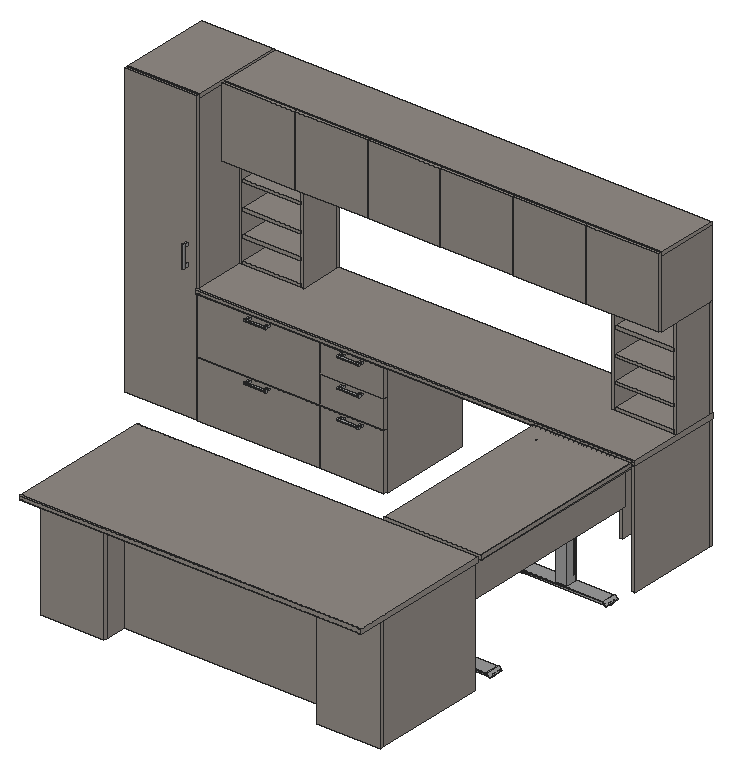
Revit family "JSI-Vision-Typical_Veneer-VST106-", category Furniture, Revit 2020 (continued)
Definition of nested family "JSI-Vision-Wardrobe"
  Definition of nested family "Label 1-16 OH"
    Text (in)
      label "XX" at (0.00051, -0.12324, 0), shows "Model Name"
Definition of nested family "JSI-Vision-Modular_Lateral_File_Pedestal"
  Parameters (values of type "Modular Lat F Ped - Type Catalog Family")
    URL = "www.jsifurniture.com"
    Tag = "Lat File"
    Series = "Vision Casegoods"  # constant formula
    Pull Finish = none
    Ped Width = 30"
    Ped Height = 28"
    Model = "Type Catalog"
    Manufacturer = "JSI"  # constant formula
    Keynote = "12500"  # constant formula
    JSI Enviromental website = "http://www.jsifurniture.com/jsi_sustainability_intro.php"
    Description = "Type Catalog"
    Default Elevation = 0"
    Chassis = none
    Ped Depth = 20"
    Grommet Finish = none
    Drawer Front = none
    Assembly Code = "E2020200"
  Reference planes (in)
    plane 1 "Center Front/Back": y = 0
    plane 2: z = 0
    plane 3 "Center Left/Right": x = 0
    plane 4: x = 0.125
    plane 5: x = 30.125
    plane 6: x = 30.25
    plane 7: y = -18.9795
    plane 8: y = -0.1875
    plane 9: y = -19.1095
    plane 10: x = 0.18716
    plane 11: x = 30.06243
    plane 12: y = -19.8595
    plane 13: z = 0.125
    plane 14: z = 13.9375
    plane 15: z = 14.0625
    plane 16: z = 27.8755
    plane 17: z = 28
    plane 18: x = 0.875
    plane 19: x = 29.376
    plane 20: y = -0.9375
    plane 21: y = -18.23863
    plane 22: z = 13.18724
    plane 23: z = 27.12492
    plane 24: z = 26.5625
    plane 25: x = 15.125
    plane 26: y = -20
    plane 27: y = -9.80266
    plane 28: y = -14.80266
    plane 29: z = 27.1875
  Forms (in)
    Extrusion 1, solid, material <- "Chassis"
      sketch origin (0.125, -0.1875, 48) x (0, 1, 0) y (0, 0, 1)
        loop
          line (0, -20) -> (-18.792, -20) -> (-18.792, -48) -> (0, -48) -> (0, -20)
      from 0 to 0.75
    Extrusion 2, solid, material <- "Chassis"
      sketch origin (30.125, -0.1875, 48) x (0, 1, 0) y (0, 0, 1)
        loop
          line (0, -20) -> (-18.792, -20) -> (-18.792, -48) -> (0, -48) -> (0, -20)
      from -0.749 to 0
    Extrusion 3, solid, material <- "Drawer Front"
      sketch origin (0, 0, 0) x (1, 0, 0) y (0, 0, 1)
        loop
          line (0.18716, 27.8755) -> (0.18716, 14.0625) -> (30.06243, 14.0625) -> (30.06243, 27.8755) -> (0.18716, 27.8755)
        loop
          line (0.18716, 13.9375) -> (0.18716, 0.125) -> (30.06243, 0.125) -> (30.06243, 13.9375) -> (0.18716, 13.9375)
      from 19.1095 to 19.8595
    Extrusion 4, solid, material <- "Chassis"
      sketch origin (0, 0, 0) x (1, 0, 0) y (0, 1, 0)
        loop
          line (0.875, -18.9795) -> (29.376, -18.9795) -> (29.376, -15.9795) -> (0.875, -15.9795) -> (0.875, -18.9795)
      from 0 to 1.1875
    Extrusion 5, solid, material <- "Chassis"
      sketch origin (0, 0, 0) x (0, 1, 0) y (0, 0, 1)
        loop
          line (-9.80266, 27.1875) -> (-9.80266, 27.8755) -> (-14.80266, 27.8755) -> (-14.80266, 27.1875) -> (-9.80266, 27.1875)
      from 0.875 to 29.376
    Extrusion 6, solid, material <- "Chassis"
      sketch origin (0, 0, 0) x (0, 1, 0) y (0, 0, 1)
        loop
          line (-0.1875, 28) -> (-0.6875, 28) -> (-0.6875, 23) -> (-0.1875, 23) -> (-0.1875, 28)
        loop
          line (-0.6875, 0) -> (-0.1875, 0) -> (-0.1875, 5) -> (-0.6875, 5) -> (-0.6875, 0)
      from 0.875 to 29.376
  Lines and regions (in)
    symbolic lines
      curve 1: line (0.125, -18.9795, 0) -> (0.125, -0.1875, 0)
      curve 2: line (30.125, -0.1875, 0) -> (30.125, -18.9795, 0)
      curve 3: line (0.18716, -19.1095, 0) -> (30.06243, -19.1095, 0)
      curve 4: line (0.18716, -19.8595, 0) -> (0.18716, -19.1095, 0)
      curve 5: line (30.06243, -19.8595, 0) -> (0.18716, -19.8595, 0)
      curve 6: line (30.06243, -19.1095, 0) -> (30.06243, -19.8595, 0)
      curve 7: line (0.875, -0.9375, 0) -> (0.875, -18.9795, 0)
      curve 8: line (0.125, -18.9795, 0) -> (0.875, -18.9795, 0)
      curve 9: line (29.376, -0.1875, 0) -> (29.376, -18.9795, 0)
      curve 10: line (29.376, -18.9795, 0) -> (30.125, -18.9795, 0)
      curve 11: line (0.125, -0.1875, 0) -> (0.875, -0.1875, 0)
      curve 12: line (29.376, -0.1875, 0) -> (30.125, -0.1875, 0)
      curve 13: line (29.376, -0.1875, 0) -> (0.875, -0.1875, 0)
      curve 14: line (0.875, -0.6875, 0) -> (29.376, -0.6875, 0)
  Dimensions and locks (in)
    plane 3 "Center Left/Right" to plane 4 = 1/8"
    locked: plane 5 to plane 6 at 0.125
    "Ped Width": plane 4 to plane 5
    locked: plane 1 "Center Front/Back" to plane 8 at 0.1875
    "Ped Height": plane 17 to level
    locked: plane 8 to plane 20 at 0.75
    plane 21 to plane 7 to plane 9 to plane 12 = 0.74087" locked, 0.13" locked, 3/4" locked
    plane 4 to plane 10 to plane 18 = 0.06216" locked, 0.68784" locked
    plane 19 to plane 11 to plane 5 = 0.68644" locked, 0.06257" locked
    locked: plane 17 to plane 24 at 1.4375
    plane 3 "Center Left/Right" to plane 25 to plane 6 = 15 1/8", 15 1/8"
    "Ped Depth": plane 26 to plane 1 "Center Front/Back"
    locked: plane 12 to plane 26 at 0.1405
    plane 27 to plane 28 to plane 26 = 5" locked, 5.19734" locked
    locked: plane 2 to Extrusion 6 sketch curve at 5
    locked: plane 8 to Extrusion 6 sketch curve at 0.5  (x2)
    locked: plane 17 to Extrusion 6 sketch curve at 5
    plane 17 to plane 23 to plane 15 to plane 14 to plane 22 to plane 13 to plane 2 = 0.87508" locked, 13.06242" locked, 1/8" locked, 0.75026" locked, 13.06224" locked, 1/8" locked
    locked: Extrusion 4 sketch curve to plane 7 at 3
    aligned and locked: level to plane 2
    aligned and locked: Extrusion 1 sketch curve to plane 7
    aligned and locked: Extrusion 1 sketch curve to level
    aligned and locked: Extrusion 2 sketch curve to plane 17
    aligned and locked: level to Extrusion 2 sketch curve
    aligned and locked: plane 7 to Extrusion 2 sketch curve
    aligned and locked: Extrusion 3 sketch curve to plane 16
    aligned and locked: Extrusion 3 sketch curve to plane 10  (x2)
    aligned and locked: plane 11 to Extrusion 3 sketch curve  (x2)
    aligned and locked: plane 15 to Extrusion 3 sketch curve
    aligned and locked: Extrusion 3 sketch curve to plane 14
    aligned and locked: plane 13 to Extrusion 3 sketch curve
    aligned and locked: Extrusion 3 to plane 12
    aligned and locked: plane 9 to Extrusion 3
    aligned and locked: plane 18 to Extrusion 4 sketch curve
    aligned and locked: plane 12 to nested 2
    aligned and locked: plane 12 to nested 1
    aligned and locked: plane 27 to Extrusion 5 sketch curve
    aligned and locked: Extrusion 5 sketch curve to plane 29
    aligned and locked: Extrusion 5 sketch curve to plane 28
    aligned and locked: plane 16 to Extrusion 5 sketch curve
    aligned and locked: Extrusion 5 to plane 18
    aligned and locked: plane 19 to Extrusion 5
    aligned and locked: nested 3 to plane 25
    aligned and locked: nested 3 to plane 26
    aligned and locked: plane 8 to Extrusion 1
    aligned and locked: plane 8 to Extrusion 2
    aligned and locked: curve 11 to plane 8
    aligned and locked: Extrusion 6 sketch curve to plane 8  (x2)
    aligned and locked: Extrusion 6 sketch curve to plane 17
    aligned and locked: plane 2 to Extrusion 6 sketch curve
    aligned and locked: Extrusion 6 to plane 18
    aligned and locked: plane 19 to Extrusion 6
    aligned and locked: curve 13 to Extrusion 6
    aligned and locked: curve 14 to Extrusion 6
    aligned and locked: nested 2 to plane 25
    aligned and locked: nested 1 to plane 25
  Automatic sketch dimensions
    Extrusion 1 sketch curve to plane 17 = 0"
    plane 20 to Extrusion 1 sketch curve = 3/4"
    plane 20 to Extrusion 2 sketch curve = 3/4"
    curve 1 to plane 4 = 0"
    curve 3 to plane 9 = 0"
    curve 3 to plane 10 = 0"
    curve 8 to plane 7 = 0"
    curve 8 to plane 18 = 0"
    curve 11 to plane 18 = 0"
    curve 9 to plane 7 = 0"
    curve 9 to plane 19 = 0"
    curve 3 to plane 11 = 0"
    curve 12 to plane 5 = 0"
    curve 5 to plane 12 = 0"
    curve 7 to plane 20 = 0"
    curve 14 to plane 18 = 0"
    Extrusion 4 sketch curve to plane 7 = 0"
    Extrusion 4 sketch curve to plane 19 = 0"
  Nested families (in)
    nested 1: "Bar Pull" at (15.125, -19.8595, 13.18724) x (-1, 0, 0) z (0, 0, 1), Pull Finish <- "Pull Finish", type "PL"
      with Pull Finish none
    nested 2: "Bar Pull" at (15.125, -19.8595, 27.12492) x (-1, 0, 0) z (0, 0, 1), Pull Finish <- "Pull Finish", type "PL"
      with Pull Finish none
    nested 3: "Label 1-16" at (15.125, -20, 0), type "DRWCFG"
  Definition of nested family "Bar Pull"
    Parameters
      Pull Finish [instance] = none
      Default Elevation = 0"
    Reference planes (in)
      plane 1 "Center Front/Back": y = 0
      plane 2: z = 0
      plane 3 "Center Left/Right": x = 0
      plane 4: x = -2.68731
      plane 5: x = -1.88731
      plane 6: x = 2.68731
      plane 7: x = 1.88731
      plane 8: y = -1
      plane 9: y = -0.85202
    Forms (in)
      Extrusion 1, solid, material <- "Pull Finish"
        sketch origin (0, 0, 0) x (0, 1, 0) y (0, 0, 1)
          loop
            line (0, -0.2015) -> (0, 0.2015) -> (-0.85202, 0.2015)
            arc (-0.85202, 0.2015) -> (-0.75, 0) -> (-0.85202, -0.2015) r 0.25
            line (-0.85202, -0.2015) -> (0, -0.2015)
        from 1.88731 to 2.68731
      Extrusion 2, solid, material <- "Pull Finish"
        sketch origin (0, 0, 0) x (0, 1, 0) y (0, 0, 1)
          loop
            circle (-1, 0) r 0.25
        from -2.68731 to 2.68731
      Extrusion 3, solid, material <- "Pull Finish"
        sketch origin (0, 0, 0) x (0, 1, 0) y (0, 0, -1)
          loop
            line (0, 0.2015) -> (-0.85202, 0.2015)
            arc (-0.85202, 0.2015) -> (-0.75, 0) -> (-0.85202, -0.2015) r 0.25
            line (-0.85202, -0.2015) -> (0, -0.2015) -> (0, 0.2015)
        from 1.88731 to 2.68731
    Dimensions and locks (in)
      plane 4 to plane 5 to plane 3 "Center Left/Right" to plane 7 to plane 6 = 0.8" locked, 1.88731" locked, 1.88731" locked, 0.8" locked
      plane 8 to plane 9 to plane 1 "Center Front/Back" = 0.14798" locked, 0.85202" locked
      aligned and locked: level to plane 2
      aligned and locked: plane 4 to Extrusion 3
      aligned and locked: Extrusion 3 to plane 5
      aligned and locked: plane 4 to Extrusion 2
      aligned and locked: Extrusion 1 to plane 7
      aligned and locked: plane 6 to Extrusion 1
      aligned and locked: plane 6 to Extrusion 2
      aligned and locked: plane 8 to Extrusion 2 sketch curve
      aligned and locked: Extrusion 3 to plane 1 "Center Front/Back"
      aligned and locked: Extrusion 1 to plane 1 "Center Front/Back"
      aligned and locked: plane 5 to Extrusion 3
      aligned and locked: Extrusion 3 to plane 4
      aligned and locked: Extrusion 2 to plane 4
      aligned and locked: plane 7 to Extrusion 1
      aligned and locked: Extrusion 1 to plane 6
      aligned and locked: Extrusion 2 to plane 6
  Definition of nested family "Label 1-16"
    Parameters
      Width = 1"
      Model Name = "2 Drw - 2 Drs"
    Reference planes (in)
      plane 1: y = 0
      plane 2: x = 0
    Text (in)
      label "XX" at (0.00051, -0.12324, 0), shows "Model Name"
Definition of nested family "JSI-Vision-Single_Pedestal_Desk-Break_Front_Modesty"
  Parameters (values of type "Sngl Ped Desk, Brk Frnt Mod - Type Catalog Family")
    Worksurface = none
    Width = 66"
    URL = "www.jsifurniture.com"
    Type Comments = ""
    Series = "Vision Casegoods"  # constant formula
    Pull Finish = none
    Panel BBF = if(LR, 15", Width - 15 3/4")  # 15"
    Model = "Type Catalog"
    Material = ""
    Manufacturer = "JSI"  # constant formula
    LR = yes
    Keynote = "12500"
    JSI Enviromental Website = "http://www.jsifurniture.com/jsi_sustainability_intro.php"
    Height = 29 3/16"
    Grommet angle = if(LR, 90.00°, 270.00°)  # 90.00°
    Grommet Finish = none
    Panel FF = if(LR, Width - 15 3/4", 15")  # 50 1/4"
    Grommet = if(LR, 14 1/2", Width - 15 49/128")  # 14 1/2"
    Drawer Front = none
    Description = "Type Catalog"
    Depth chassis = 30"  # constant formula
    Depth = 30"
    Default Elevation = 0"
    Chassis = none
    BBF = if(LR, 3/16", Width - 15 3/4")  # 3/16"
    Assembly Code = "E2020200"
  Reference planes (in)
    plane 1: z = 0
    plane 2 "Center (Left/Right)": x = -36.06413
    plane 3: z = 29.1875
    plane 4: z = 28
    plane 5: y = -19.25
    plane 6 "Center (Front/Back)": y = 10.75
    plane 7: y = 10.625
    plane 8: y = 10.75
    plane 9: x = -3.06413
    plane 10: x = 29.93587
    plane 11: y = 10.56003
    plane 12: x = -20.31413
    plane 13: x = 14.18587
    plane 14: y = -18.37
    plane 15: x = 21.93587
    plane 16: x = -28.12663
    plane 17: x = 29.81086
    plane 18: x = -35.93913
    plane 19: y = 3.55952
    plane 20: y = -0.44048
    plane 21: y = 4.56363
    plane 22: y = -18.31113
    plane 23: x = 14.18587
    plane 24: x = -35.87663
    plane 25: x = -20.37636
    plane 26: x = 29.68487
    plane 27: x = -21.56413
  Forms (in)
    Extrusion 1, solid, material <- "Worksurface"
      sketch origin (0, 0, -0.8125) x (1, 0, 0) y (0, 1, 0)
        loop
          line (-36.06413, -19.125) -> (29.93587, -19.125) -> (29.93587, 10.625) -> (-36.06413, 10.625) -> (-36.06413, -19.125)
      from 28.8125 to 30
    Extrusion 2, solid, material <- "Chassis"
      sketch origin (0, 3.75, 0) x (1, 0, 0) y (0, 1, 0)
        loop
          line (-20.31413, 0.81363) -> (-20.31413, 0.06363) -> (14.18587, 0.06363) -> (14.18587, 0.81363) -> (-20.31413, 0.81363)
      from 0 to 28
    Extrusion 3, solid, material <- "Drawer Front"
      sketch origin (-0.00163, 0.13, 0) x (1, 0, 0) y (0, 0, 1)
        loop
          line (-35.875, 27.89092) -> (-35.875, 21.04768) -> (-20.37473, 21.04768) -> (-20.37473, 27.89092) -> (-35.875, 27.89092)
        loop
          line (-35.875, 20.92218) -> (-35.875, 14.07843) -> (-20.37473, 14.07843) -> (-20.37473, 20.92218) -> (-35.875, 20.92218)
        loop
          line (-35.875, 13.95343) -> (-35.875, 0.14093) -> (-20.37473, 0.14093) -> (-20.37473, 13.95343) -> (-35.875, 13.95343)
      from 18.5 to 19.25
    Extrusion 4, solid, material <- "Chassis"
      sketch origin (-0.06413, 0, 0) x (0, 1, 0) y (0, 0, 1)
        loop
          line (-18.31113, 28) -> (-18.31113, 0) -> (9.81003, 0) -> (9.81003, 28) -> (-18.31113, 28)
      from -35.875 to -35.125
    Extrusion 5, solid, material <- "Chassis"
      sketch origin (-0.06413, 0.034, 0) x (1, 0, 0) y (0, 0, 1)
        loop
          line (-35.125, 1.9375) -> (-35.125, 0) -> (-21, 0) -> (-21, 1.9375) -> (-35.125, 1.9375)
      from 17.59513 to 18.34513
    Extrusion 6, solid, material <- "Chassis"
      sketch origin (-0.06029, 0, 0) x (0, 1, 0) y (0, 0, -1)
        loop
          line (-18.31113, -28) -> (9.81003, -28) -> (9.81003, 0) -> (-18.31113, 0) -> (-18.31113, -28)
      from -29.87116 to -29.12116
    Sweep 7, solid, material <- "Worksurface"
      path in 3D
        loop
          line (-36.06413, -19.125, 29.1875) -> (29.93587, -19.125, 29.1875)
      profile origin (-3.06413, -19.125, 29.1875) x (0, 1, 0) y (0, 0, 1)
        loop
          arc (0, 0) -> (-0.08839, -0.03661) -> (-0.125, -0.125) r 0.125
          line (-0.125, -0.125) -> (-0.125, -1.0625)
          arc (-0.125, -1.0625) -> (-0.08839, -1.15089) -> (0, -1.1875) r 0.125
          line (0, -1.1875) -> (0, 0)
    Extrusion 8, solid, material <- "Chassis"
      sketch origin (-0.06413, 28.15516, 0) x (1, 0, 0) y (0, 0, 1)
        loop
          line (-35.875, 28) -> (-35.875, 0) -> (-20.25, 0) -> (-20.25, 28) -> (-35.875, 28)
      from 17.59513 to 18.34513
    Extrusion 9, solid, material <- "Chassis"
      sketch origin (57.45899, 0, 0) x (0, 1, 0) y (0, 0, -1)
        loop
          line (-18.31113, -28) -> (9.81003, -28) -> (9.81003, 0) -> (-18.31113, 0) -> (-18.31113, -28)
      from 77.77312 to 78.52312
    Extrusion 10, solid, material <- "Chassis"
      sketch origin (-0.06413, 28.15516, 0) x (-1, 0, 0) y (0, 0, -1)
        loop
          line (-29.875, -28) -> (-14.25, -28) -> (-14.25, 0) -> (-29.875, 0) -> (-29.875, -28)
      from 17.59513 to 18.34513
    Extrusion 11, solid, material <- "Chassis"
      sketch origin (56.05703, 0, 0) x (0, 1, 0) y (0, 0, 1)
        loop
          line (2.81363, 28) -> (2.81363, 0) -> (9.81003, 0) -> (9.81003, 28) -> (2.81363, 28)
      from -41.87116 to -41.12116
    Sweep 12, solid, material <- "Worksurface"
      path in 3D
        loop
          line (29.93587, 10.625, 29.1875) -> (-36.06413, 10.625, 29.1875)
      profile origin (-3.06413, 10.625, 29.1875) x (0, -1, 0) y (0, 0, 1)
        loop
          arc (0, 0) -> (-0.08839, -0.03661) -> (-0.125, -0.125) r 0.125
          line (-0.125, -0.125) -> (-0.125, -1.0625)
          arc (-0.125, -1.0625) -> (-0.08839, -1.15089) -> (0, -1.1875) r 0.125
          line (0, -1.1875) -> (0, 0)
  Cuts and joins
    joined: Extrusion 1, Sweep 7, Sweep 12
  Lines and regions (in)
    sketch lines
      curve 1: line (-36.06413, -19.125, 29.1875) -> (29.93587, -19.125, 29.1875)
      curve 11: line (29.93587, 10.625, 29.1875) -> (-36.06413, 10.625, 29.1875)
    symbolic lines
      curve 2: line (29.93587, -19.25, 0) -> (-36.06413, -19.25, 0)
      curve 3: line (29.93587, -19.25, 0) -> (29.93587, 10.75, 0)
      curve 4: line (-36.06413, 10.75, 0) -> (-36.06413, -19.25, 0)
      curve 5: line (-20.31413, 10.56003, 0) -> (-35.93913, 10.56003, 0)
      curve 6: line (-20.37636, -18.37, 0) -> (-35.87663, -18.37, 0)
      curve 7: line (-20.37636, -19.12, 0) -> (-20.37636, -18.37, 0)
      curve 8: line (-35.87663, -19.12, 0) -> (-20.37636, -19.12, 0)
      curve 9: line (-35.87663, -18.37, 0) -> (-35.87663, -19.12, 0)
      curve 10: line (-35.93913, 10.56003, 0) -> (-35.93913, -18.31113, 0)
      curve 12: line (29.81086, -18.31113, 0) -> (29.81086, 10.56003, 0)
      curve 13: line (29.81086, 10.56003, 0) -> (14.18587, 10.56003, 0)
      curve 14: line (29.06086, -18.31113, 0) -> (29.81086, -18.31113, 0)
      curve 15: line (29.06086, 9.81003, 0) -> (29.06086, -18.31113, 0)
      curve 16: line (14.18587, 9.81003, 0) -> (29.81086, 9.81003, 0)
      curve 17: line (14.18587, 10.56003, 0) -> (14.18587, 9.81003, 0)
      curve 18: line (14.93587, 2.81363, 0) -> (14.93587, 9.81003, 0)
      curve 19: line (14.18587, 9.81003, 0) -> (14.18587, 2.81363, 0)
      curve 20: line (14.18587, 2.81363, 0) -> (14.93587, 2.81363, 0)
      curve 21: line (-35.18913, -18.31113, 0) -> (-35.18913, 9.81003, 0)
      curve 22: line (-35.93913, -18.31113, 0) -> (-35.18913, -18.31113, 0)
      curve 23: line (-35.93913, 9.81003, 0) -> (-20.31413, 9.81003, 0)
      curve 24: line (-20.31413, 9.81003, 0) -> (-20.31413, 10.56003, 0)
      curve 25: line (-36.06413, 10.75, 0) -> (29.93587, 10.75, 0)
      curve 26: line (-21.06413, 9.81003, 0) -> (-21.06413, -18.31113, 0)
      curve 27: line (-20.31413, -18.31113, 0) -> (-20.31413, 9.81003, 0)
      curve 28: line (-21.06413, -18.31113, 0) -> (-20.31413, -18.31113, 0)
      curve 29: line (14.18587, 4.56363, 0) -> (-20.31413, 4.56363, 0)
      curve 30: line (-20.31413, 3.81363, 0) -> (14.18587, 3.81363, 0)
      curve 31: line (-20.31413, 4.56363, 0) -> (-20.31413, 3.81363, 0)
      curve 32: line (14.18587, 3.81363, 0) -> (14.18587, 4.56363, 0)
  Dimensions and locks (in)
    "Height": plane 3 to level
    locked: plane 3 to plane 4 at 1.1875
    "Depth": plane 6 "Center (Front/Back)" to plane 5
    locked: plane 7 to plane 6 "Center (Front/Back)" at 0.125
    equal spacing: plane 2 "Center (Left/Right)", plane 9, plane 10
    "Width": plane 2 "Center (Left/Right)" to plane 10
    locked: plane 8 to plane 11 at 0.18997
    "Depth chassis": plane 8 to plane 5
    locked: plane 2 "Center (Left/Right)" to plane 12 at 15.75
    locked: plane 13 to plane 10 at 15.75
    locked: Extrusion 5 to plane 14 at 0.80887
    locked: plane 14 to plane 5 at 0.88
    locked: plane 17 to plane 10 at 0.125
    locked: Extrusion 6 to Extrusion 6 at 0.75
    locked: Extrusion 4 to Extrusion 4 at 0.75
    locked: plane 19 to plane 20 at 4
    locked: Extrusion 2 to Extrusion 2 at 0.75
    plane 22 to plane 5 = 0.93887"
    plane 8 to plane 21 = 6.18637"
    "Panel FF": plane 2 "Center (Left/Right)" to plane 23
    locked: plane 23 to plane 15 at 7.75
    "BBF": plane 2 "Center (Left/Right)" to plane 24
    locked: Extrusion 5 to Extrusion 5 at 0.75
    locked: plane 24 to plane 16 at 7.75
    locked: Extrusion 3 to Extrusion 3 at 0.75
    locked: plane 8 to plane 20 at 11.19048
    locked: Extrusion 8 to Extrusion 8 at 0.75
    Extrusion 9 to Extrusion 9 = 3/4"
    locked: Extrusion 10 to Extrusion 10 at 0.75
    locked: plane 24 to plane 25 at 15.50027
    locked: plane 23 to plane 26 at 15.499
    locked: Extrusion 11 to plane 21 at 1.75
    plane 24 to Extrusion 5 to Extrusion 5 = 11/16" locked, 14 1/8" locked
    "Panel FF": plane 2 "Center (Left/Right)" to Extrusion 11
    "Panel BBF": plane 2 "Center (Left/Right)" to Extrusion 9
    locked: Extrusion 9 to Extrusion 9 at 0.75
    "Grommet": plane 2 "Center (Left/Right)" to plane 27
    locked: Extrusion 11 to Extrusion 11 at 0.75
    plane 19 to plane 20 = 4"
    aligned and locked: level to plane 1
    aligned and locked: curve 4 to Extrusion 1
    aligned and locked: Extrusion 4 to Extrusion 5
    aligned and locked: Extrusion 5 to Extrusion 2
    aligned and locked: Extrusion 2 to Extrusion 6
    aligned and locked: plane 17 to Extrusion 6
    aligned and locked: Extrusion 4 to plane 18
    aligned and locked: plane 21 to Extrusion 2
    aligned and locked: plane 14 to Extrusion 3
    aligned and locked: Extrusion 6 to plane 22
    aligned and locked: Extrusion 5 to plane 22
    aligned and locked: Extrusion 4 to plane 22
    aligned and locked: Extrusion 5 to level
    aligned and locked: nested 3 to plane 16
    aligned and locked: nested 2 to plane 16
    aligned and locked: nested 1 to plane 16
    aligned and locked: Extrusion 3 to nested 3
    aligned and locked: Extrusion 3 to nested 2
    aligned and locked: Extrusion 3 to nested 1
    aligned and locked: Extrusion 3 to plane 24  (x3)
    aligned and locked: Extrusion 8 to plane 12
    aligned and locked: plane 4 to Extrusion 8
    aligned and locked: Extrusion 8 to plane 18
    aligned and locked: plane 18 to Extrusion 4
    aligned and locked: plane 11 to Extrusion 8
    aligned and locked: plane 22 to Extrusion 5
    aligned and locked: Extrusion 9 to plane 22
    aligned and locked: plane 12 to Extrusion 2
    aligned and locked: plane 13 to Extrusion 2
    aligned and locked: Extrusion 10 to plane 13
    aligned and locked: plane 17 to Extrusion 10
    aligned and locked: Extrusion 6 to plane 17
    aligned and locked: plane 25 to Extrusion 3  (x3)
    aligned and locked: curve 5 to Extrusion 8
    aligned and locked: curve 6 to Extrusion 3
    aligned and locked: curve 7 to Extrusion 3
    aligned and locked: curve 8 to Extrusion 3
    aligned and locked: curve 9 to Extrusion 3
    aligned and locked: curve 10 to Extrusion 4
    aligned and locked: Extrusion 1 to plane 7
    aligned and locked: plane 11 to Extrusion 10
    aligned and locked: Extrusion 6 to curve 12
    aligned and locked: curve 13 to Extrusion 10
    aligned and locked: curve 14 to Extrusion 6
    aligned and locked: Extrusion 6 to curve 15
    aligned and locked: curve 16 to Extrusion 10
    aligned and locked: curve 17 to Extrusion 10
    aligned and locked: curve 18 to Extrusion 11
    aligned and locked: curve 19 to Extrusion 11
    aligned and locked: curve 20 to Extrusion 11
    aligned and locked: curve 21 to Extrusion 4
    aligned and locked: Extrusion 4 to curve 22
    aligned and locked: curve 23 to Extrusion 8
    aligned and locked: curve 24 to Extrusion 8
    aligned and locked: curve 4 to cut or joined group of Extrusion 1, Sweep 7, Sweep 12
    aligned and locked: curve 3 to cut or joined group of Extrusion 1, Sweep 7, Sweep 12
    aligned and locked: curve 25 to cut or joined group of Extrusion 1, Sweep 7, Sweep 12
    aligned and locked: Extrusion 9 to curve 26
    aligned and locked: curve 27 to Extrusion 9
    aligned and locked: curve 28 to Extrusion 9
    aligned and locked: nested 4 to plane 5
    aligned and locked: nested 4 to plane 16
    aligned and locked: curve 29 to Extrusion 2
    aligned and locked: curve 30 to Extrusion 2
    aligned and locked: curve 31 to Extrusion 2
    aligned and locked: curve 32 to Extrusion 2
    aligned and locked: Extrusion 4 to Extrusion 8
    aligned and locked: Extrusion 6 to Extrusion 8
    aligned and locked: Extrusion 9 to Extrusion 8
  Automatic sketch dimensions
    curve 23 to plane 18 = 0"
    curve 6 to plane 14 = 0"
    curve 6 to plane 24 = 0"
    curve 22 to plane 22 = 0"
    curve 26 to plane 22 = 0"
    curve 7 to plane 25 = 0"
    curve 5 to plane 11 = 0"
    curve 5 to plane 12 = 0"
    curve 31 to plane 12 = 0"
    curve 19 to plane 23 = 0"
    curve 13 to plane 11 = 0"
    curve 13 to plane 13 = 0"
    curve 32 to plane 13 = 0"
    curve 15 to plane 22 = 0"
    curve 14 to plane 17 = 0"
    curve 2 to plane 5 = 0"
    curve 31 to plane 21 = 0"
    plane 24 to curve 22 = 11/16"
    curve 26 to plane 27 = 1/2"
    plane 12 to curve 28 = 0"
    plane 13 to curve 18 = 3/4"
    curve 15 to plane 26 = 0.624"
    plane 5 to curve 8 = 0.13"
    curve 20 to plane 19 = 0.7459"
    plane 19 to curve 30 = 0.2541"
    curve 17 to plane 11 = 3/4"
    curve 27 to curve 23 = 0"
    Extrusion 1 sketch curve to plane 2 "Center (Left/Right)" = 0"
    Extrusion 1 sketch curve to plane 10 = 0"
    plane 7 to Extrusion 1 sketch curve = 0"
    plane 5 to Extrusion 1 sketch curve = 1/8"
    Extrusion 2 sketch curve to plane 12 = 0"
    Extrusion 2 sketch curve to plane 13 = 0"
    Extrusion 2 sketch curve to plane 21 = 0"
    plane 19 to Extrusion 2 sketch curve = 0.2541"
    Extrusion 3 sketch curve to plane 24 = 0"  (x3)
    Extrusion 3 sketch curve to plane 25 = 0"  (x3)
    level to Extrusion 3 sketch curve = 0.14093"
    Extrusion 3 sketch curve to Extrusion 3 sketch curve = 13 13/16"
    Extrusion 3 sketch curve to Extrusion 3 sketch curve = 1/8"
    Extrusion 3 sketch curve to Extrusion 3 sketch curve = 6 27/32"
    Extrusion 3 sketch curve to Extrusion 3 sketch curve = 0.1255"
    Extrusion 3 sketch curve to plane 4 = 0.10907"
    Extrusion 4 sketch curve to plane 4 = 0"
    Extrusion 4 sketch curve to plane 22 = 0"
    Extrusion 4 sketch curve to level = 0"
    Extrusion 4 sketch curve to plane 11 = 3/4"
    Extrusion 5 sketch curve to level = 0"
    plane 24 to Extrusion 5 sketch curve = 11/16"
    Extrusion 5 sketch curve to plane 27 = 1/2"
    level to Extrusion 5 sketch curve = 1 15/16"
    Extrusion 6 sketch curve to plane 4 = 0"
    Extrusion 6 sketch curve to plane 22 = 0"
    Extrusion 6 sketch curve to level = 0"
    Extrusion 6 sketch curve to plane 11 = 3/4"
    Sweep 7 sketch curve to profile plane = 0"  (x2)
    profile plane to Sweep 7 sketch curve = 1/8"
    Sweep 7 sketch curve to Sweep 7 sketch curve = 15/16"
    Extrusion 8 sketch curve to level = 0"
    plane 18 to Extrusion 8 sketch curve = 0"
    plane 12 to Extrusion 8 sketch curve = 0"
    Extrusion 8 sketch curve to plane 4 = 0"
    Extrusion 9 sketch curve to plane 4 = 0"
    Extrusion 9 sketch curve to plane 22 = 0"
    Extrusion 9 sketch curve to level = 0"
    Extrusion 9 sketch curve to plane 11 = 3/4"
    Extrusion 10 sketch curve to level = 0"
    Extrusion 10 sketch curve to plane 17 = 0"
    Extrusion 10 sketch curve to plane 13 = 0"
    Extrusion 10 sketch curve to plane 4 = 0"
    Extrusion 11 sketch curve to plane 4 = 0"
    Extrusion 11 sketch curve to level = 0"
    Extrusion 11 sketch curve to plane 19 = 0.7459"
    Extrusion 11 sketch curve to plane 11 = 3/4"
    Sweep 12 sketch curve to profile plane = 0"  (x2)
    profile plane to Sweep 12 sketch curve = 1/8"
    Sweep 12 sketch curve to Sweep 12 sketch curve = 15/16"
  Nested families (in)
    nested 1: "Bar Pull" at (-28.12663, -19.12, 13.20292), Pull Finish <- "Pull Finish", type "PL"
      with Pull Finish none
    nested 2: "Bar Pull" at (-28.12663, -19.12, 20.171), Pull Finish <- "Pull Finish", type "PL"
      with Pull Finish none
    nested 3: "Bar Pull" at (-28.12663, -19.12, 27.14116), Pull Finish <- "Pull Finish", type "PL"
      with Pull Finish none
    nested 4: "Label 1-16-1" at (-28.12663, -19.25, 0), type "DRWCFG"
  Definition of nested family "Bar Pull"
    Parameters
      Pull Finish [instance] = none
      Default Elevation = 0"
    Reference planes (in)
      plane 1 "Center Front/Back": y = 0
      plane 2: z = 0
      plane 3 "Center Left/Right": x = 0
      plane 4: x = -2.68731
      plane 5: x = -1.88731
      plane 6: x = 2.68731
      plane 7: x = 1.88731
      plane 8: y = -1
      plane 9: y = -0.85202
    Forms (in)
      Extrusion 1, solid, material <- "Pull Finish"
        sketch origin (0, 0, 0) x (0, 1, 0) y (0, 0, 1)
          loop
            line (0, -0.2015) -> (0, 0.2015) -> (-0.85202, 0.2015)
            arc (-0.85202, 0.2015) -> (-0.75, 0) -> (-0.85202, -0.2015) r 0.25
            line (-0.85202, -0.2015) -> (0, -0.2015)
        from 1.88731 to 2.68731
      Extrusion 2, solid, material <- "Pull Finish"
        sketch origin (0, 0, 0) x (0, 1, 0) y (0, 0, 1)
          loop
            circle (-1, 0) r 0.25
        from -2.68731 to 2.68731
      Extrusion 3, solid, material <- "Pull Finish"
        sketch origin (0, 0, 0) x (0, 1, 0) y (0, 0, -1)
          loop
            line (0, 0.2015) -> (-0.85202, 0.2015)
            arc (-0.85202, 0.2015) -> (-0.75, 0) -> (-0.85202, -0.2015) r 0.25
            line (-0.85202, -0.2015) -> (0, -0.2015) -> (0, 0.2015)
        from 1.88731 to 2.68731
    Dimensions and locks (in)
      plane 4 to plane 5 to plane 3 "Center Left/Right" to plane 7 to plane 6 = 0.8" locked, 1.88731" locked, 1.88731" locked, 0.8" locked
      plane 8 to plane 9 to plane 1 "Center Front/Back" = 0.14798" locked, 0.85202" locked
      aligned and locked: level to plane 2
      aligned and locked: plane 4 to Extrusion 3
      aligned and locked: Extrusion 3 to plane 5
      aligned and locked: plane 4 to Extrusion 2
      aligned and locked: Extrusion 1 to plane 7
      aligned and locked: plane 6 to Extrusion 1
      aligned and locked: plane 6 to Extrusion 2
      aligned and locked: plane 8 to Extrusion 2 sketch curve
      aligned and locked: Extrusion 3 to plane 1 "Center Front/Back"
      aligned and locked: Extrusion 1 to plane 1 "Center Front/Back"
      aligned and locked: plane 5 to Extrusion 3
      aligned and locked: Extrusion 3 to plane 4
      aligned and locked: Extrusion 2 to plane 4
      aligned and locked: plane 7 to Extrusion 1
      aligned and locked: Extrusion 1 to plane 6
      aligned and locked: Extrusion 2 to plane 6
  Definition of nested family "Label 1-16-1"
    Parameters
      Width = 1"
      Model Name = "BBF"
    Reference planes (in)
      plane 1: y = 0
      plane 2: x = 0
    Text (in)
      label "XX" at (0.00051, -0.12324, 0), shows "Model Name"
Definition of nested family "JSI-Vision-Adjustable_Table_Height_Bridge-Standard_Range"
  Parameters (values of type "VST2446AHB-S - Adjustable Height Table Standard Range 46"W x 24"D")
    Width = 46"
    Upper Leg Finish = none
    URL = "www.jsifurniture.com"
    Type Comments = ""
    Top Finish = none
    Support Finish = none
    Series = "Vision Casegoods"  # constant formula
    Low Leg Finish = none
    Model = "VST2446AHB-S"
    Material = ""
    Manufacturer = "JSI"  # constant formula
    Keynote = "12500"  # constant formula
    JSI Enviromental Website = "http://www.jsifurniture.com/jsi_sustainability_intro.php"
    Height = 29 3/16"
    Glide Finish = none
    Feet Finish = none
    Description = "Adjustable Height Table Desk / Bridge Standard Range Laminate, 24”D x 46”W x  30”H"
    Depth = 24"
    Default Elevation = 0"
    Assembly Code = "E2020200"
    Adj Post Finish = none
  Types (2): name | Model | Description
    VST2446AHB-S - Adjustable Height Table Standard Range 46"W x 24"D | "VST2446AHB-S" | "Adjustable Height Table Desk / Bridge Standard Range Laminate, 24”D x 46”W x  30”H"
    VSV2446AHB-S - Adjustable Height Table Standard Range 46"W x 24"D | "VSV2446AHB-S" | "Adjustable Height Table Desk / Bridge Standard Range Veneer, 24”D x 46”W x 30”H"
  Reference planes (in)
    plane 1 "Center Front/Back": y = 0
    plane 2: z = 0
    plane 3 "Center Left/Right": x = 0
    plane 4: z = 29.1875
    plane 5: z = 28
    plane 6: x = 46
    plane 7: y = -24
    plane 8: y = -12
  Forms (in)
    Extrusion 1, solid, material <- "Top Finish"
      sketch origin (0, 0, 0) x (0, 1, 0) y (0, 0, 1)
        loop
          arc (-23.88189, 29.1875) -> (-23.96256, 29.15006) -> (-24, 29.06939) r 0.12937
          line (-24, 29.06939) -> (-24, 28.11811)
          arc (-24, 28.11811) -> (-23.96256, 28.03744) -> (-23.88189, 28) r 0.12937
          line (-23.88189, 28) -> (-23.72106, 28) -> (-0.27894, 28) -> (-0.11811, 28)
          arc (-0.11811, 28) -> (-0.03744, 28.03744) -> (0, 28.11811) r 0.12937
          line (0, 28.11811) -> (0, 29.06939)
          arc (0, 29.06939) -> (-0.03744, 29.15006) -> (-0.11811, 29.1875) r 0.12937
          line (-0.11811, 29.1875) -> (-23.88189, 29.1875)
      from 0 to 46
  Lines and regions (in)
    symbolic lines
      curve 1: line (0, 0, 0) -> (46, 0, 0)
      curve 2: line (0, -24, 0) -> (0, 0, 0)
      curve 3: line (46, -24, 0) -> (0, -24, 0)
      curve 4: line (46, 0, 0) -> (46, -24, 0)
  Dimensions and locks (in)
    "Height": plane 4 to level
    locked: plane 4 to plane 5 at 1.1875
    "Width": plane 3 "Center Left/Right" to plane 6
    "Depth": plane 1 "Center Front/Back" to plane 7
    equal spacing: plane 1 "Center Front/Back", plane 8, plane 7
    aligned and locked: level to plane 2
    aligned and locked: plane 4 to Extrusion 1 sketch curve
    aligned and locked: Extrusion 1 sketch curve to plane 5
    aligned and locked: Extrusion 1 sketch curve to plane 1 "Center Front/Back"
    aligned and locked: Extrusion 1 sketch curve to plane 7
    aligned and locked: Extrusion 1 to plane 3 "Center Left/Right"
    aligned and locked: Extrusion 1 to plane 6
    aligned and locked: plane 7 to curve 3
    aligned and locked: plane 1 "Center Front/Back" to curve 1
    aligned and locked: plane 3 "Center Left/Right" to curve 2
    aligned and locked: plane 6 to curve 4
    aligned and locked: plane 3 "Center Left/Right" to nested 1
    aligned and locked: nested 1 to plane 8
  Automatic sketch dimensions
    plane 7 to Extrusion 1 sketch curve = 0.11811"  (x2)
    Extrusion 1 sketch curve to plane 5 = 0"  (x2)
    plane 7 to Extrusion 1 sketch curve = 33/256"  (x2)
    Extrusion 1 sketch curve to Extrusion 1 sketch curve = 0.16082"
    plane 1 "Center Front/Back" to Extrusion 1 sketch curve = 0.27894"
    plane 1 "Center Front/Back" to Extrusion 1 sketch curve = 33/256"  (x2)
    plane 1 "Center Front/Back" to Extrusion 1 sketch curve = 0.11811"  (x2)
    plane 5 to Extrusion 1 sketch curve = 0.11811"  (x2)
    Extrusion 1 sketch curve to plane 4 = 33/256"  (x2)
  Nested families (in)
    nested 1: "Adj Base Bridge Desk" at (0, -12, 0), W Top <- "Width", Height <- "Height", Adj Post Finish <- "Adj Post Finish", Feet Finish <- "Feet Finish", Glide Finish <- "Glide Finish", Low Leg Finish <- "Low Leg Finish", Support Finish <- "Support Finish", Upper Leg Finish <- "Upper Leg Finish", type "Adj Base Bridge Desk"
      with W Top 46", Upper Leg Finish none, Support Finish none, Low Leg Finish none, Height 29 3/16", Glide Finish none, Feet Finish none, Adj Post Finish none
  Definition of nested family "Adj Base Bridge Desk"
    Parameters (values of type "Adj Base Bridge Desk")
      W Top [instance] = 46"
      Upper Leg Finish [instance] = none
      Support Finish [instance] = none
      Low Leg Finish [instance] = none
      Height [instance] = 30"
      Glide Finish [instance] = none
      Feet Finish [instance] = none
      Default Elevation = 0"
      Adj Post Finish [instance] = none
    Reference planes (in)
      plane 1 "Center (Front/Back)": y = 0
      plane 2: z = 0
      plane 3 "Center (Left/Right)": x = 0
      plane 4: z = 30
      plane 5: x = 46
      plane 6: z = 28.8125
      plane 7: x = 5.09647
      plane 8: x = 40.90353
    Forms (in)
      Extrusion 1, solid, material <- "Support Finish"
        sketch origin (1.67343, 0, 0) x (-1, 0, 0) y (0, 0, 1)
          loop
            line (-1.26389, 26.65894) -> (-1.26389, 28.50935) -> (-9.9253, 28.50935) -> (-9.9253, 28.23435) -> (-9.36321, 28.23435) -> (-8.86302, 26.65894) -> (-1.26389, 26.65894)
          loop
            line (-41.38925, 26.65894) -> (-33.79012, 26.65894) -> (-33.28993, 28.23435) -> (-32.72784, 28.23435) -> (-32.72784, 28.50935) -> (-41.38925, 28.50935) -> (-41.38925, 26.65894)
        from -1.89028 to 1.90897
      Extrusion 2, solid, material <- "Support Finish"
        sketch origin (8.68126, 0, 0) x (0, 1, 0) y (0, 0, 1)
          loop
            arc (2.60827, 27.31644) -> (2.67785, 27.34526) -> (2.70667, 27.41484) r 0.0984
            line (2.70667, 27.41484) -> (2.70667, 28.59931)
            arc (2.70667, 28.59931) -> (2.67882, 28.66654) -> (2.61158, 28.69439) r 0.09508
            line (2.61158, 28.69439) -> (2.01307, 28.69439)
            arc (2.01307, 28.69439) -> (1.94678, 28.66693) -> (1.91932, 28.60064) r 0.09375
            line (1.91932, 28.60064) -> (1.91932, 27.41484)
            arc (1.91932, 27.41484) -> (1.94814, 27.34526) -> (2.01772, 27.31644) r 0.0984
            line (2.01772, 27.31644) -> (2.60827, 27.31644)
          loop
            line (-2.60827, 27.31644) -> (-2.01772, 27.31644)
            arc (-2.01772, 27.31644) -> (-1.94814, 27.34526) -> (-1.91932, 27.41484) r 0.0984
            line (-1.91932, 27.41484) -> (-1.91932, 28.60064)
            arc (-1.91932, 28.60064) -> (-1.94678, 28.66693) -> (-2.01307, 28.69439) r 0.09375
            line (-2.01307, 28.69439) -> (-2.61158, 28.69439)
            arc (-2.61158, 28.69439) -> (-2.67882, 28.66654) -> (-2.70667, 28.59931) r 0.09508
            line (-2.70667, 28.59931) -> (-2.70667, 27.41484)
            arc (-2.70667, 27.41484) -> (-2.67785, 27.34526) -> (-2.60827, 27.31644) r 0.0984
        from -6.06315 to 14.07466
      Extrusion 3, solid, material <- "Support Finish"
        sketch origin (1.70596, 0, 0) x (0, 1, 0) y (0, 0, 1)
          loop
            arc (2.50984, 27.82825) -> (2.59335, 27.86284) -> (2.62794, 27.94635) r 0.1181
            line (2.62794, 27.94635) -> (2.62794, 28.49755)
            arc (2.62794, 28.49755) -> (2.59335, 28.58106) -> (2.50984, 28.61565) r 0.1181
            line (2.50984, 28.61565) -> (2.15551, 28.61565)
            arc (2.15551, 28.61565) -> (2.072, 28.58106) -> (2.03741, 28.49755) r 0.1181
            line (2.03741, 28.49755) -> (2.03741, 27.94635)
            arc (2.03741, 27.94635) -> (2.072, 27.86284) -> (2.15551, 27.82825) r 0.1181
            line (2.15551, 27.82825) -> (2.50984, 27.82825)
          loop
            arc (-2.15551, 27.82825) -> (-2.072, 27.86284) -> (-2.03741, 27.94635) r 0.1181
            line (-2.03741, 27.94635) -> (-2.03741, 28.49755)
            arc (-2.03741, 28.49755) -> (-2.072, 28.58106) -> (-2.15551, 28.61565) r 0.1181
            line (-2.15551, 28.61565) -> (-2.50984, 28.61565)
            arc (-2.50984, 28.61565) -> (-2.59335, 28.58106) -> (-2.62794, 28.49755) r 0.1181
            line (-2.62794, 28.49755) -> (-2.62794, 27.94635)
            arc (-2.62794, 27.94635) -> (-2.59335, 27.86284) -> (-2.50984, 27.82825) r 0.1181
            line (-2.50984, 27.82825) -> (-2.15551, 27.82825)
        from 3.18381 to 39.40428
      Extrusion 4, solid, material <- "Feet Finish"
        sketch origin (3.34686, 0, 0) x (0, 1, 0) y (0, 0, 1)
          loop
            line (10.52318, 1.16069) -> (-10.52318, 1.16069)
            arc (-10.52318, 1.16069) -> (-10.60868, 1.14561) -> (-10.68388, 1.1022) r 0.25
            line (-10.68388, 1.1022) -> (-11.48879, 0.4268) -> (-11.40022, 0.32124) -> (-10.59879, 0.99371)
            arc (-10.59879, 0.99371) -> (-10.56128, 1.01537) -> (-10.51862, 1.02289) r 0.12472
            line (-10.51862, 1.02289) -> (10.51852, 1.02289)
            arc (10.51852, 1.02289) -> (10.56128, 1.01536) -> (10.59887, 0.99365) r 0.125
            line (10.59887, 0.99365) -> (11.40022, 0.32124) -> (11.48879, 0.4268) -> (10.68388, 1.1022)
            arc (10.68388, 1.1022) -> (10.60869, 1.14561) -> (10.52318, 1.16069) r 0.25
        from -0.06142 to 3.56063
      Extrusion 5, solid, material <- "Feet Finish"
        sketch origin (3.34686, 0, 0) x (0, 1, 0) y (0, 0, 1)
          loop
            line (-11.14173, 0.39297) -> (11.14173, 0.39297) -> (11.14173, 0.53813) -> (10.59887, 0.99365)
            arc (10.59887, 0.99365) -> (10.56128, 1.01535) -> (10.51852, 1.02289) r 0.125
            line (10.51852, 1.02289) -> (-10.51862, 1.02289)
            arc (-10.51862, 1.02289) -> (-10.56128, 1.01537) -> (-10.59879, 0.99371) r 0.12472
            line (-10.59879, 0.99371) -> (-11.14173, 0.53813) -> (-11.14173, 0.39297)
        from 0.19449 to 3.30472
      Extrusion 6, solid, material <- "Feet Finish"
        sketch origin (16.23738, 0, 0) x (0, 1, 0) y (0, 0, 1)
          loop
            line (10.52318, 1.16069) -> (-10.52318, 1.16069)
            arc (-10.52318, 1.16069) -> (-10.60868, 1.14561) -> (-10.68387, 1.1022) r 0.25
            line (-10.68387, 1.1022) -> (-11.48879, 0.4268) -> (-11.40022, 0.32124) -> (-10.59879, 0.99372)
            arc (-10.59879, 0.99372) -> (-10.56128, 1.01537) -> (-10.51862, 1.02289) r 0.12472
            line (-10.51862, 1.02289) -> (10.51852, 1.02289)
            arc (10.51852, 1.02289) -> (10.56128, 1.01536) -> (10.59887, 0.99365) r 0.125
            line (10.59887, 0.99365) -> (11.40022, 0.32124) -> (11.48879, 0.4268) -> (10.68388, 1.1022)
            arc (10.68388, 1.1022) -> (10.60869, 1.14561) -> (10.52318, 1.16069) r 0.25
        from 22.85513 to 26.47717
      Extrusion 7, solid, material <- "Low Leg Finish"
        sketch origin (0, 0, 0) x (1, 0, 0) y (0, 1, 0)
          loop
            line (3.73819, 1.26995) -> (3.73819, -1.2505)
            arc (3.73819, -1.2505) -> (3.76702, -1.3201) -> (3.83661, -1.34893) r 0.09843
            line (3.83661, -1.34893) -> (6.35665, -1.34893)
            arc (6.35665, -1.34893) -> (6.426, -1.3202) -> (6.45472, -1.25086) r 0.09807
            line (6.45472, -1.25086) -> (6.45472, 1.26918)
            arc (6.45472, 1.26918) -> (6.42589, 1.33878) -> (6.3563, 1.36761) r 0.09843
            line (6.3563, 1.36761) -> (3.83585, 1.36761)
            arc (3.83585, 1.36761) -> (3.76679, 1.33901) -> (3.73819, 1.26995) r 0.09766
          loop
            arc (42.26182, 1.25984) -> (42.23299, 1.32944) -> (42.16339, 1.35827) r 0.09843
            line (42.16339, 1.35827) -> (39.64371, 1.35827)
            arc (39.64371, 1.35827) -> (39.57411, 1.32944) -> (39.54528, 1.25984) r 0.09843
            line (39.54528, 1.25984) -> (39.54528, -1.23588)
            arc (39.54528, -1.23588) -> (39.57839, -1.31582) -> (39.65833, -1.34893) r 0.11305
            line (39.65833, -1.34893) -> (42.16339, -1.34893)
            arc (42.16339, -1.34893) -> (42.23299, -1.3201) -> (42.26182, -1.2505) r 0.09843
            line (42.26182, -1.2505) -> (42.26182, 1.25984)
        from 1.16069 to 24.73029
      Extrusion 8, solid, material <- "Support Finish"
        sketch origin (0, 0, 0) x (1, 0, 0) y (0, 0, 1)
          loop
            line (2.5, 26.64715) -> (2.61811, 26.64715) -> (2.61811, 28.65745)
            arc (2.61811, 28.65745) -> (2.62893, 28.68357) -> (2.65505, 28.69439) r 0.03694
            line (2.65505, 28.69439) -> (4.0748, 28.69439) -> (4.0748, 28.8125) -> (2.65534, 28.8125)
            arc (2.65534, 28.8125) -> (2.5455, 28.767) -> (2.5, 28.65716) r 0.15534
            line (2.5, 28.65716) -> (2.5, 26.64715)
          loop
            line (43.50001, 26.64715) -> (43.50001, 28.65716)
            arc (43.50001, 28.65716) -> (43.45451, 28.767) -> (43.34467, 28.8125) r 0.15534
            line (43.34467, 28.8125) -> (41.9252, 28.8125) -> (41.9252, 28.69439) -> (43.33499, 28.69439)
            arc (43.33499, 28.69439) -> (43.36816, 28.68065) -> (43.3819, 28.64748) r 0.04691
            line (43.3819, 28.64748) -> (43.3819, 26.64715) -> (43.50001, 26.64715)
        from -10.14567 to 10.14567
      Extrusion 9, void
        sketch origin (0, 0, 0) x (0, 1, 0) y (0, 0, 1)
          loop
            line (-9.64567, 29.15728) -> (-10.14567, 29.15728) -> (-10.14567, 26.15728) -> (10.14567, 26.15728) -> (10.14567, 29.15728) -> (9.64567, 29.15728) -> (9.64567, 28.43724)
            arc (9.64567, 28.43724) -> (9.53149, 28.11921) -> (9.2411, 27.94643) r 0.5
            line (9.2411, 27.94643) -> (2.76152, 26.68651)
            arc (2.76152, 26.68651) -> (2.61903, 26.66585) -> (2.47521, 26.65894) r 1.5
            line (2.47521, 26.65894) -> (-2.47521, 26.65894)
            arc (-2.47521, 26.65894) -> (-2.61903, 26.66585) -> (-2.76152, 26.68651) r 1.5
            line (-2.76152, 26.68651) -> (-9.2411, 27.94643)
            arc (-9.2411, 27.94643) -> (-9.53149, 28.11921) -> (-9.64567, 28.43724) r 0.5
            line (-9.64567, 28.43724) -> (-9.64567, 29.15728)
        from 1.99619 to 44.00235
      Extrusion 10, solid, material <- "Support Finish"
        sketch origin (60.8427, 0, 0) x (0, 1, 0) y (0, 0, -1)
          loop
            line (-2.01772, -27.31644) -> (-2.61292, -27.31644)
            arc (-2.61292, -27.31644) -> (-2.67921, -27.3439) -> (-2.70667, -27.41019) r 0.09375
            line (-2.70667, -27.41019) -> (-2.70667, -28.60064)
            arc (-2.70667, -28.60064) -> (-2.67921, -28.66693) -> (-2.61292, -28.69439) r 0.09375
            line (-2.61292, -28.69439) -> (-2.0144, -28.69439)
            arc (-2.0144, -28.69439) -> (-1.94717, -28.66654) -> (-1.91932, -28.59931) r 0.09508
            line (-1.91932, -28.59931) -> (-1.91932, -27.41484)
            arc (-1.91932, -27.41484) -> (-1.94814, -27.34526) -> (-2.01772, -27.31644) r 0.0984
          loop
            line (2.60827, -27.31644) -> (2.0132, -27.31644)
            arc (2.0132, -27.31644) -> (1.94682, -27.34394) -> (1.91932, -27.41032) r 0.09389
            line (1.91932, -27.41032) -> (1.91932, -28.59931)
            arc (1.91932, -28.59931) -> (1.94717, -28.66654) -> (2.0144, -28.69439) r 0.09508
            line (2.0144, -28.69439) -> (2.61292, -28.69439)
            arc (2.61292, -28.69439) -> (2.67921, -28.66693) -> (2.70667, -28.60064) r 0.09375
            line (2.70667, -28.60064) -> (2.70667, -27.41484)
            arc (2.70667, -27.41484) -> (2.67785, -27.34526) -> (2.60827, -27.31644) r 0.0984
        from 17.46081 to 37.59861
      Revolve 11, solid, material <- "Glide Finish"
        sketch origin (-1, -10.27559, 0) x (1, 0, 0) y (0, 0, 1)
          loop
            line (6.09647, 0.94489) -> (5.93882, 0.94489) -> (5.93882, 0.39297) -> (5.30863, 0.39297) -> (5.11222, 0.19657) -> (5.11222, 0) -> (6.09647, 0) -> (6.09647, 0.94489)
          axis (6.09647, 0.94489) -> (6.09647, 0)
        angle from 0 to 360
      Revolve 12, solid, material <- "Glide Finish"
        sketch origin (-1, 10.27547, 0) x (1, 0, 0) y (0, 0, 1)
          loop
            line (6.09647, 0.94489) -> (5.93882, 0.94489) -> (5.93882, 0.39297) -> (5.30863, 0.39297) -> (5.11222, 0.19657) -> (5.11222, 0) -> (6.09647, 0) -> (6.09647, 0.94489)
          axis (6.09647, 0.94489) -> (6.09647, 0)
        angle from 0 to 360
      Revolve 13, solid, material <- "Glide Finish"
        sketch origin (63.69757, -10.27559, 0) x (1, 0, 0) y (0, 0, 1)
          loop
            line (-22.79404, 0.94489) -> (-22.95169, 0.94489) -> (-22.95169, 0.39297) -> (-23.58189, 0.39297) -> (-23.77829, 0.19657) -> (-23.77829, 0) -> (-22.79404, 0) -> (-22.79404, 0.94489)
          axis (-22.79404, 0.94489) -> (-22.79404, 0)
        angle from 0 to 360
      Revolve 14, solid, material <- "Glide Finish"
        sketch origin (63.69757, 10.27547, 0) x (1, 0, 0) y (0, 0, 1)
          loop
            line (-22.79404, 0.94489) -> (-22.95169, 0.94489) -> (-22.95169, 0.39297) -> (-23.58189, 0.39297) -> (-23.77829, 0.19657) -> (-23.77829, 0) -> (-22.79404, 0) -> (-22.79404, 0.94489)
          axis (-22.79404, 0.94489) -> (-22.79404, 0)
        angle from 0 to 360
      Extrusion 15, solid, material <- "Feet Finish"
        sketch origin (67.04443, 0, 0) x (0, 1, 0) y (0, 0, 1)
          loop
            line (-11.14173, 0.39297) -> (11.14173, 0.39297) -> (11.14173, 0.53813) -> (10.59887, 0.99365)
            arc (10.59887, 0.99365) -> (10.56128, 1.01535) -> (10.51852, 1.02289) r 0.125
            line (10.51852, 1.02289) -> (-10.51862, 1.02289)
            arc (-10.51862, 1.02289) -> (-10.56128, 1.01537) -> (-10.59879, 0.99371) r 0.12472
            line (-10.59879, 0.99371) -> (-11.14173, 0.53813) -> (-11.14173, 0.39297)
        from -27.69602 to -24.58578
      Extrusion 16, solid
        sketch origin (0, 0, 0) x (1, 0, 0) y (0, 1, 0)
          loop
            line (3.92519, 1.08218) -> (3.92519, -1.06349)
            arc (3.92519, -1.06349) -> (3.95402, -1.13309) -> (4.02362, -1.16192) r 0.09843
            line (4.02362, -1.16192) -> (6.16929, -1.16192)
            arc (6.16929, -1.16192) -> (6.23889, -1.13309) -> (6.26771, -1.06349) r 0.09843
            line (6.26771, -1.06349) -> (6.26771, 1.08218)
            arc (6.26771, 1.08218) -> (6.23889, 1.15177) -> (6.16929, 1.1806) r 0.09843
            line (6.16929, 1.1806) -> (4.02362, 1.1806)
            arc (4.02362, 1.1806) -> (3.95402, 1.15177) -> (3.92519, 1.08218) r 0.09843
          loop
            line (39.73229, 1.08218) -> (39.73229, -1.06349)
            arc (39.73229, -1.06349) -> (39.76112, -1.13309) -> (39.83071, -1.16192) r 0.09843
            line (39.83071, -1.16192) -> (41.96061, -1.16192)
            arc (41.96061, -1.16192) -> (42.04136, -1.12847) -> (42.07481, -1.04772) r 0.1142
            line (42.07481, -1.04772) -> (42.07481, 1.08218)
            arc (42.07481, 1.08218) -> (42.04598, 1.15177) -> (41.97638, 1.1806) r 0.09843
            line (41.97638, 1.1806) -> (39.83071, 1.1806)
            arc (39.83071, 1.1806) -> (39.76112, 1.15177) -> (39.73229, 1.08218) r 0.09843
        from 26.65894 to 3.2731
    Cuts and joins
      Extrusion 9 cuts Extrusion 8
    Lines and regions (in)
      symbolic lines
        curve 1: line (6.9075, 11.48879, 0) -> (3.28545, 11.48879, 0)
        curve 2: line (6.9075, -11.48879, 0) -> (6.9075, 11.48879, 0)
        curve 3: line (3.28545, -11.48879, 0) -> (6.9075, -11.48879, 0)
        curve 4: line (3.28545, 11.48879, 0) -> (3.28545, 9.64567, 0)
        curve 5: line (42.71456, 11.48879, 0) -> (39.09251, 11.48879, 0)
        curve 6: line (42.71456, 9.64567, 0) -> (42.71456, 11.48879, 0)
        curve 7: line (39.09251, -11.48879, 0) -> (42.81987, -11.48879, 0)
        curve 8: line (39.09251, 11.48879, 0) -> (39.09251, -11.48879, 0)
        curve 9: line (2.5, 9.64567, 0) -> (4.0748, 9.64567, 0)
        curve 10: line (2.5, -9.64567, 0) -> (2.5, 9.64567, 0)
        curve 11: line (4.0748, -9.64567, 0) -> (2.5, -9.64567, 0)
        curve 12: line (4.0748, 9.64567, 0) -> (4.0748, -9.64567, 0)
        curve 13: line (43.50001, 9.64567, 0) -> (41.9252, 9.64567, 0)
        curve 14: line (43.50001, -9.64567, 0) -> (43.50001, 9.64567, 0)
        curve 15: line (41.9252, -9.64567, 0) -> (43.50001, -9.64567, 0)
        curve 16: line (41.9252, 9.64567, 0) -> (41.9252, -9.64567, 0)
        curve 17: line (41.9252, 2.70667, 0) -> (23.24409, 2.70667, 0)
        curve 18: line (23.24409, 2.70667, 0) -> (23.24409, 1.91932, 0)
        curve 19: line (23.24409, 1.91932, 0) -> (41.9252, 1.91932, 0)
        curve 20: line (41.9252, -1.92113, 0) -> (23.24409, -1.91932, 0)
        curve 21: line (23.24409, -1.91932, 0) -> (23.24409, -2.70667, 0)
        curve 22: line (23.24409, -2.70667, 0) -> (41.9252, -2.70667, 0)
        curve 23: line (22.75592, 2.70667, 0) -> (22.75592, 1.91932, 0)
        curve 24: line (22.75592, 1.91932, 0) -> (4.0748, 1.91932, 0)
        curve 25: line (22.75592, 2.70667, 0) -> (4.0748, 2.70667, 0)
        curve 26: line (22.75592, -1.91932, 0) -> (4.0748, -1.91932, 0)
        curve 27: line (22.75592, -2.70667, 0) -> (4.0748, -2.70667, 0)
        curve 28: line (22.75592, -1.91932, 0) -> (22.75592, -2.70667, 0)
        curve 29: line (3.28545, -11.48879, 0) -> (3.28545, -9.64567, 0)
        curve 30: line (42.81987, -11.48879, 0) -> (42.81987, -9.64567, 0)
        curve 31: line (22.75592, 2.62798, 0) -> (23.24409, 2.62798, 0)
        curve 32: line (22.75592, 2.03782, 0) -> (23.24409, 2.03782, 0)
        curve 33: line (22.75592, -2.03689, 0) -> (23.24409, -2.03689, 0)
        curve 34: line (22.75592, -2.6279, 0) -> (23.24409, -2.6279, 0)
    Dimensions and locks (in)
      "Height": plane 2 to plane 4
      Extrusion 1 sketch curve to Extrusion 1 sketch curve to Extrusion 1 sketch curve to plane 4 = 1.57541" locked, 0.275", 1.49065"
      Extrusion 4 sketch curve to Extrusion 4 sketch curve to Extrusion 4 sketch curve to Extrusion 4 sketch curve to plane 1 "Center (Front/Back)" to Extrusion 4 sketch curve to Extrusion 4 sketch curve to Extrusion 4 sketch curve to Extrusion 4 sketch curve = 0.08857" locked, 0.87704" locked, 0.00456" locked, 10.51862" locked, 10.51852" locked, 0.00466" locked, 0.87704" locked, 0.08857" locked
      plane 2 to Extrusion 4 sketch curve to Extrusion 4 sketch curve to Extrusion 4 sketch curve to Extrusion 4 sketch curve to Extrusion 4 sketch curve to Extrusion 4 sketch curve = 0.32124" locked, 0.10556" locked, 0.4711" locked, 0.0128" locked, 0.1122" locked, 0.1378" locked
      plane 2 to Extrusion 5 sketch curve to Extrusion 5 sketch curve = 0.39297" locked, 0.62992" locked
      Extrusion 5 sketch curve to plane 1 "Center (Front/Back)" to Extrusion 5 sketch curve = 11.14173" locked, 11.14173" locked
      Extrusion 6 sketch curve to Extrusion 6 sketch curve to Extrusion 6 sketch curve to Extrusion 6 sketch curve to Extrusion 6 sketch curve to Extrusion 6 sketch curve to Extrusion 6 sketch curve to Extrusion 6 sketch curve = 0.08857" locked, 0.87704" locked, 0.00456" locked, 21.03715", 0.00466" locked, 0.87704" locked, 0.08857" locked
      Extrusion 6 sketch curve to Extrusion 6 sketch curve to Extrusion 6 sketch curve to Extrusion 6 sketch curve to Extrusion 6 sketch curve to Extrusion 6 sketch curve = 0.10556" locked, 0.4711" locked, 0.0128" locked, 0.1122" locked, 0.1378" locked
      Extrusion 7 sketch curve to Extrusion 7 sketch curve to plane 1 "Center (Front/Back)" to Extrusion 7 sketch curve to Extrusion 7 sketch curve = 0.09843" locked, 1.2505", 1.25984" locked, 0.09843" locked
      Extrusion 7 sketch curve to Extrusion 7 sketch curve to Extrusion 7 sketch curve to Extrusion 7 sketch curve to plane 5 = 0.09843" locked, 2.51969" locked, 0.09843" locked, 3.73818" locked
      locked: Extrusion 7 to plane 2 at 24.73029
      Extrusion 1 sketch curve to Extrusion 1 sketch curve to Extrusion 1 sketch curve to plane 4 = 1.57541" locked, 0.275" locked, 1.49065" locked
      Extrusion 1 sketch curve to Extrusion 1 sketch curve to Extrusion 1 sketch curve to Extrusion 1 sketch curve to plane 3 "Center (Left/Right)" = 0.5621" locked, 0.50019" locked, 7.59913" locked, 2.93732" locked
      plane 5 to Extrusion 1 sketch curve to Extrusion 1 sketch curve to Extrusion 1 sketch curve = 2.93731" locked, 7.59913" locked, 1.06228" locked
      Extrusion 2 sketch curve to Extrusion 2 sketch curve to Extrusion 2 sketch curve to Extrusion 2 sketch curve to plane 1 "Center (Front/Back)" to Extrusion 2 sketch curve to Extrusion 2 sketch curve to Extrusion 2 sketch curve to Extrusion 2 sketch curve = 0.09508" locked, 0.59852" locked, 3/32" locked, 1.91932" locked, 1.91932" locked, 3/32" locked, 0.59852" locked, 0.09508" locked
      locked: plane 4 to plane 6 at 1.1875
      Extrusion 3 sketch curve to Extrusion 3 sketch curve to Extrusion 3 sketch curve to Extrusion 3 sketch curve to plane 1 "Center (Front/Back)" to Extrusion 3 sketch curve to Extrusion 3 sketch curve to Extrusion 3 sketch curve to Extrusion 3 sketch curve = 0.1181" locked, 0.35433" locked, 0.1181" locked, 2.03741" locked, 2.03741" locked, 0.1181" locked, 0.35433" locked, 0.1181" locked
      plane 6 to Extrusion 3 sketch curve to Extrusion 3 sketch curve to Extrusion 3 sketch curve to Extrusion 3 sketch curve = 0.19685" locked, 0.1181" locked, 0.5512" locked, 0.1181" locked
      Extrusion 8 sketch curve to Extrusion 8 sketch curve to Extrusion 8 sketch curve to Extrusion 8 sketch curve to plane 3 "Center (Left/Right)" = 1.41947" locked, 0.03723" locked, 0.11811" locked, 2 1/2" locked
      Extrusion 8 sketch curve to Extrusion 8 sketch curve to Extrusion 8 sketch curve to Extrusion 8 sketch curve to plane 5 = 1.41947" locked, 0.03723" locked, 0.11811" locked, 2 1/2"
      plane 6 to Extrusion 8 sketch curve to Extrusion 8 sketch curve to Extrusion 8 sketch curve = 0.11811" locked, 0.03723" locked, 2.01002" locked
      locked: plane 5 to Extrusion 9 at 1.99765
      locked: plane 3 "Center (Left/Right)" to Extrusion 9 at 1.99619
      Extrusion 9 sketch curve to plane 6 to Extrusion 9 sketch curve to Extrusion 9 sketch curve to Extrusion 9 sketch curve to Extrusion 9 sketch curve = 0.34478" locked, 0.37526" locked, 0.2783" locked, 1 1/2" locked, 0.50165" locked
      Extrusion 9 sketch curve to Extrusion 9 sketch curve to Extrusion 9 sketch curve to Extrusion 9 sketch curve to plane 1 "Center (Front/Back)" to Extrusion 9 sketch curve to Extrusion 9 sketch curve to Extrusion 9 sketch curve to Extrusion 9 sketch curve = 1/2" locked, 1/2" locked, 6.67046" locked, 2.47521" locked, 2.47521" locked, 6.67046" locked, 1/2" locked, 1/2" locked
